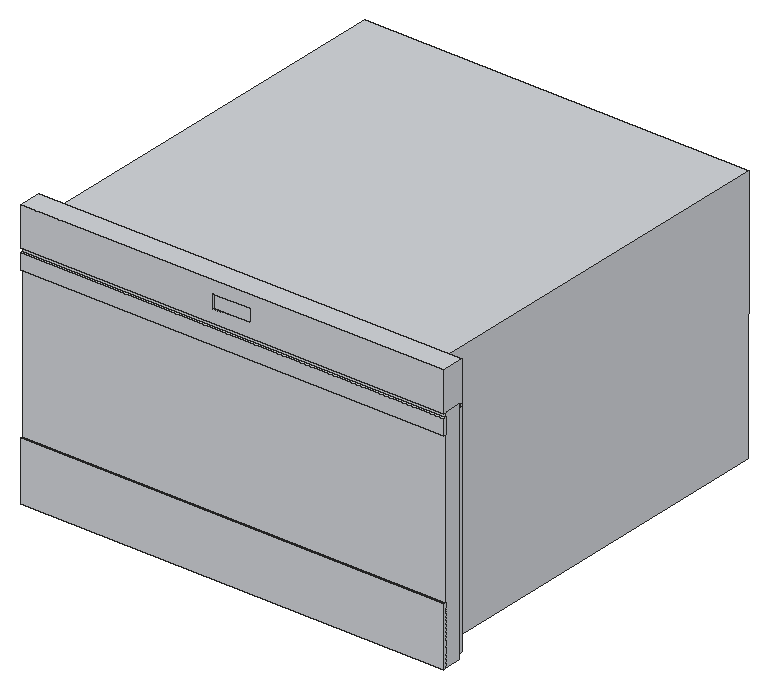
Revit family "micro 1", category Generic Models, Revit 2017
Family settings
  Can host rebar = No
  Round Connector Dimension = Use Diameter
  Part Type = Normal
  Work Plane-Based = No
  Always vertical = Yes
  Cut with Voids When Loaded = No
  Shared = No
  Room Calculation Point = No
Parameters
  capacity = 1.2
  URL = "https://www.subzero-wolf.com/wolf/microwave-ovens/24-inch-transitional-drawer-microwave"
  Model = "MD24TE/S"
  Manufacturer = "Wolf"
  Author = "Yepsketch"
Reference planes (in)
  plane 1 "Center (Front/Back)": y = 0
  plane 2: z = 0
  plane 3 "Center (Left/Right)": x = 0
Forms (in)
  Extrusion 1, solid
    sketch origin (0, 0, 0) x (1, 0, 0) y (0, 0, 1)
      loop
        line (-17.62606, 15.1406) -> (-17.62606, 2.20282) -> (6.25772, 2.20282) -> (6.25772, 15.1406) -> (-17.62606, 15.1406)
    from 11.09706 to 12.05575
  Extrusion 2, solid
    sketch origin (0, 0, 0) x (1, 0, 0) y (0, 0, 1)
      loop
        line (-17.62606, 14.90772) -> (-17.62606, 14.01302) -> (6.25772, 14.01302) -> (6.25772, 14.90772) -> (-17.62606, 14.90772)
    from 12.05575 to 12.21088
  Extrusion 3, solid
    sketch origin (0, 0, 0) x (1, 0, 0) y (0, 0, 1)
      loop
        line (6.25772, 5.52331) -> (-17.62606, 5.52331) -> (-17.62606, 2.20282) -> (6.25772, 2.20282) -> (6.25772, 5.52331)
    from 12.05575 to 12.20548
  Extrusion 4, solid
    sketch origin (0, 0, 0) x (1, 0, 0) y (0, 0, 1)
      loop
        line (-17.62258, 15.1406) -> (6.25767, 15.1406) -> (6.25767, 17.34163) -> (-17.62258, 17.34163) -> (-17.62258, 15.1406)
    from 10.93799 to 12.21088
  Extrusion 5, void
    sketch origin (0, 0, 0) x (1, 0, 0) y (0, 0, 1)
      loop
        line (-6.7432, 16.65381) -> (-6.7432, 15.90381) -> (-4.63029, 15.90381) -> (-4.63029, 16.65381) -> (-6.7432, 16.65381)
    from 12.16957 to 12.40046
  Extrusion 6, solid
    sketch origin (0, 0, 0) x (0, 1, 0) y (0, 0, 1)
      loop
        line (-10.85609, 2.47595) -> (-10.85609, 14.90194) -> (-11.09706, 14.90194) -> (-11.09706, 2.47595) -> (-10.85609, 2.47595)
    from -17.61392 to 6.23307
  Extrusion 7, solid
    sketch origin (0.6756, -0.00767, 0) x (0, 1, 0) y (0, 0, 1)
      loop
        line (-10.85582, 16.8571) -> (-10.85582, 2.28713) -> (10.89418, 2.28713) -> (10.89418, 16.8571) -> (-10.85582, 16.8571)
    from -17.35162 to 4.3244
  Extrusion 8, solid
    sketch origin (0, 0, 0) x (0, 1, 0) y (0, 0, 1)
      loop
        line (-10.85582, 16.8571) -> (-10.94668, 16.8571) -> (-10.94668, 14.90194) -> (-10.85582, 14.90194) -> (-10.85582, 16.8571)
    from -17.62606 to 6.23307
  Extrusion 9, solid
    sketch origin (0, 0, 0) x (0, 1, 0) y (0, 0, 1)
      loop
        line (-10.85582, 16.76171) -> (-10.85582, 2.78279) -> (-10.20338, 2.78279) -> (-10.20338, 11.19975)
        arc (-10.20338, 11.19975) -> (-10.23372, 11.27298) -> (-10.30695, 11.30332) r 0.10357
        line (-10.30695, 11.30332) -> (-10.59227, 11.30332)
        arc (-10.59227, 11.30332) -> (-10.73862, 11.36394) -> (-10.79924, 11.51029) r 0.20697
        line (-10.79924, 11.51029) -> (-10.79924, 12.5128)
        arc (-10.79924, 12.5128) -> (-10.7507, 12.62999) -> (-10.63351, 12.67854) r 0.16573
        line (-10.63351, 12.67854) -> (-10.35934, 12.67854)
        arc (-10.35934, 12.67854) -> (-10.24906, 12.72421) -> (-10.20338, 12.83449) r 0.15595
        line (-10.20338, 12.83449) -> (-10.20338, 16.76171) -> (-10.85582, 16.76171)
    from 5 to 5.10205
  Extrusion 10, void
    sketch origin (0, 0, 0) x (0, 1, 0) y (0, 0, 1)
      loop
        line (-10.47834, 8.15401) -> (-10.47834, 9.1445)
        arc (-10.47834, 9.1445) -> (-10.50778, 9.22538) -> (-10.58232, 9.26842) r 0.12583
        arc (-10.58232, 9.26842) -> (-10.66428, 9.23447) -> (-10.69823, 9.15251) r 0.11591
        line (-10.69823, 9.15251) -> (-10.69823, 8.12826)
        arc (-10.69823, 8.12826) -> (-10.66989, 8.05983) -> (-10.60146, 8.03149) r 0.09677
        arc (-10.60146, 8.03149) -> (-10.51423, 8.06737) -> (-10.47834, 8.15401) r 0.12252
    from 4.92932 to 5.25
  Extrusion 11, solid
    sketch origin (-23.16085, -0.03271, 0) x (0, 1, 0) y (0, 0, 1)
      loop
        line (-10.85582, 16.76171) -> (-10.85582, 2.78279) -> (-10.20338, 2.78279) -> (-10.20338, 11.19975)
        arc (-10.20338, 11.19975) -> (-10.23372, 11.27298) -> (-10.30695, 11.30332) r 0.10357
        line (-10.30695, 11.30332) -> (-10.59227, 11.30332)
        arc (-10.59227, 11.30332) -> (-10.73862, 11.36394) -> (-10.79924, 11.51029) r 0.20697
        line (-10.79924, 11.51029) -> (-10.79924, 12.5128)
        arc (-10.79924, 12.5128) -> (-10.7507, 12.62999) -> (-10.63351, 12.67854) r 0.16573
        line (-10.63351, 12.67854) -> (-10.35934, 12.67854)
        arc (-10.35934, 12.67854) -> (-10.24906, 12.72421) -> (-10.20338, 12.83449) r 0.15595
        line (-10.20338, 12.83449) -> (-10.20338, 16.76171) -> (-10.85582, 16.76171)
    from 6.36846 to 6.48483
  Extrusion 12, void
    sketch origin (-24.52888, 0, 0) x (0, 1, 0) y (0, 0, 1)
      loop
        line (-10.47834, 8.15401) -> (-10.47834, 9.1445)
        arc (-10.47834, 9.1445) -> (-10.50778, 9.22538) -> (-10.58232, 9.26842) r 0.12583
        arc (-10.58232, 9.26842) -> (-10.66428, 9.23447) -> (-10.69823, 9.15251) r 0.11591
        line (-10.69823, 9.15251) -> (-10.69823, 8.12826)
        arc (-10.69823, 8.12826) -> (-10.66989, 8.05983) -> (-10.60146, 8.03149) r 0.09677
        arc (-10.60146, 8.03149) -> (-10.51423, 8.06737) -> (-10.47834, 8.15401) r 0.12252
    from 7.71534 to 7.85286
Cuts and joins
  Extrusion 5 cuts Extrusion 4
  Extrusion 10, Extrusion 12 cuts Extrusion 7
  Extrusion 10, Extrusion 12 cuts Extrusion 9
  Extrusion 12 cuts Extrusion 11
Dimensions and locks (in)
  cut or joined group of Extrusion 4, Extrusion 5 to cut or joined group of Extrusion 4, Extrusion 5 = 23.88025"
  cut or joined group of Extrusion 4, Extrusion 5 to Extrusion 3 = 15.1388"
  cut or joined group of Extrusion 7, Extrusion 10, Extrusion 12 to cut or joined group of Extrusion 7, Extrusion 10, Extrusion 12 = 14.56996"
  cut or joined group of Extrusion 7, Extrusion 10, Extrusion 12 to Extrusion 6 = 21.7426"
  aligned and locked: plane 2 to level
